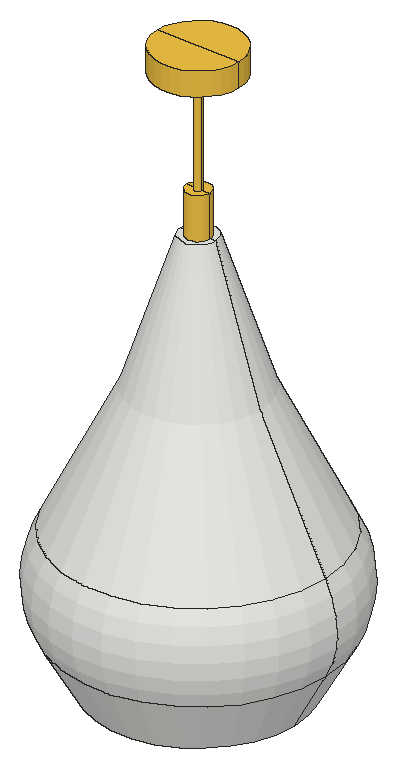
Revit family "Pendant Light", category Lighting Fixtures, host Ceiling, Revit 2020
Family settings
  Host = Ceiling
  Round Connector Dimension = Use Diameter
  Part Type = Normal
  OmniClass Number = 23.80.70.11
  OmniClass Title = Luminaries for Internal Lighting
  Always vertical = Yes
  Cut with Voids When Loaded = No
  Light Source = No
  Shared = No
  Room Calculation Point = No
Parameters (values of type "Pendant Light")
  Wire Material = Assemblyroom_Metal_Aluminium_TrafficYellow
  Pendant Light Type = Pendant_2 : Type 1
  Material = Assemblyroom_Metal_Aluminium_SignalWhite
  Lamp Material = Assemblyroom_Metal_Aluminium_TrafficYellow
  Height [instance] = 1' - 7 1/2"
  Default Elevation = 0' - 0"
Reference planes (in)
  plane 1 "Center (Front/Back)": y = 0
  plane 2 "Ceiling": z = 96
  plane 3 "Center (Left/Right)": x = 0
Dimensions and locks (in)
  equal spacing: host sketch curve, plane 3 "Center (Left/Right)", host sketch curve
  equal spacing: host sketch curve, plane 1 "Center (Front/Back)", host sketch curve
  host sketch curve to host sketch curve = 10' - 0"  (x2)
  aligned and locked: plane 1 "Center (Front/Back)" to nested 1
  aligned and locked: plane 3 "Center (Left/Right)" to nested 1
Nested families (in)
  nested 1: "Pendant_2" at (0, 0, -61.48031), Material <- "Material", Height <- "Height", type <- "Pendant Light Type", Wire Material <- "Wire Material", type "Type 1"
    with Wire Material Assemblyroom_Metal_Aluminium_TrafficYellow, Material Assemblyroom_Metal_Aluminium_SignalWhite, Height 1' - 7 1/2"
Definition of nested family "Pendant_2"
  Parameters (values of type "Type 1")
    Wire Material [instance] = none
    Material [instance] = none
    Height [instance] = 1' - 11.62205"
    Default Elevation = 0' - 0"
  Reference planes (in)
    plane 1 "Center (Front/Back)": y = 0
    plane 2: z = 0
    plane 3 "Center (Left/Right)": x = 0
    plane 4 "Ceiling": z = 157.48031
  Dimensions and locks (in)
    equal spacing: host sketch curve, plane 3 "Center (Left/Right)", host sketch curve
    equal spacing: host sketch curve, plane 1 "Center (Front/Back)", host sketch curve
    host sketch curve to host sketch curve = 13' - 1.48031"  (x2)
    plane 4 "Ceiling" to host ceiling = 0' - 0"
  Nested families (in)
    nested 1: "Ceiling_Light_Pendant_15774" at (0, 0, 157.48031) x (1, 0, 0) z (0, 0, -1), Light Drop Height <- "Height", Material <- "Material", Wire Material <- "Wire Material", type "Ceiling_Light_Pendant_15774"
      with Light Drop Height 1' - 11.62205"
  Definition of nested family "Ceiling_Light_Pendant_15774"
    Parameters (values of type "Ceiling_Light_Pendant_15774")
      Wire Material [instance] = none
      Wattage = 9.2903 W
      built-in parameter 1150110 = 1 (stored number, unit not read)
      built-in parameter 1114217 = 1 (stored number, unit not read)
      built-in parameter 1150109 = 1 (stored number, unit not read)
      built-in parameter 1150134 = 3
      built-in parameter 1150113 = 1 (stored number, unit not read)
      Material [instance] = none
      built-in parameter 1150105 = 439.27 (stored number, unit not read)
      Lumens = 1380 lm
      built-in parameter 1150115 = 1 (stored number, unit not read)
      Light Source Symbol Size = 2' - 0"
      built-in parameter 1150137 = (empty or 0)
      built-in parameter 1150139 = (empty or 0)
      Light Drop Height [instance] = 1' - 11.62205"
      built-in parameter 1150112 = 1 (stored number, unit not read)
      built-in parameter 1150114 = 1 (stored number, unit not read)
      built-in parameter 1150132 = (empty or 0)
      built-in parameter 1150102 = (empty or 0)
      built-in parameter 1150107 = 3200 (stored number, unit not read)
      built-in parameter 1150138 = (empty or 0)
      built-in parameter 1150106 = 4.3927 (stored number, unit not read)
      built-in parameter 1150104 = 13.8 (stored number, unit not read)
      Dimming Lamp Color Temperature Shift = (empty or 0)
      Default Elevation = 0' - 0"
      Color Filter = 16777215
      built-in parameter 1114218 = 1 (stored number, unit not read)
      built-in parameter 1150133 = 10 (stored number, unit not read)
    Reference planes (in)
      plane 1 "Center (Front/Back)": y = 0
      plane 2: z = 0
      plane 3 "Center (Left/Right)": x = 0
      plane 4: z = 23.62205
      plane 5: z = 9.84252
    Forms (in)
      Extrusion 1, solid
        sketch origin (0, 0, 0) x (1, 0, 0) y (0, 1, 0)
          loop
            line (-48, 48) -> (-48, -48) -> (48, -48) -> (48, 48) -> (-48, 48)
        from 0 to -12
      Revolve 2, solid, material <- "Material"
        sketch origin (0, 0, -6.29921) x (1, 0, 0) y (0, 0, 1)
          loop
            line (-3.25853, 29.92126) -> (-4.32888, 28.06736)
            arc (-4.32888, 28.06736) -> (-4.72441, 26.572) -> (-4.30969, 25.08185) r 2.95276
            arc (-4.30969, 25.08185) -> (-2.1317, 20.74426) -> (-0.59055, 16.14173) r 34.1551
            line (-0.59055, 16.14173) -> (0, 16.14173) -> (0, 16.25984) -> (-0.49913, 16.25984)
            arc (-0.49913, 16.25984) -> (-2.04027, 20.83189) -> (-4.20817, 25.14222) r 34.27321
            arc (-4.20817, 25.14222) -> (-4.6063, 26.57276) -> (-4.22659, 28.0083) r 2.83465
            line (-4.22659, 28.0083) -> (-3.12214, 29.92126) -> (-3.25853, 29.92126)
          axis (0, 16.14173) -> (0, 29.92126)
        angle from 0 to 360
      Revolve 3, solid, material <- "Wire Material"
        sketch origin (0, 0, -6.29921) x (1, 0, 0) y (0, 0, 1)
          loop
            line (0, 16.14173) -> (-0.3937, 16.14173) -> (-0.3937, 14.76378) -> (0, 14.76378) -> (0, 16.14173)
          axis (0, 14.76378) -> (0, 16.14173)
        angle from 0 to 360
      Revolve 4, solid, material <- "Wire Material"
        sketch origin (0, 0, 0) x (1, 0, 0) y (0, 0, 1)
          loop
            line (0, 8.46457) -> (-0.11811, 8.46457) -> (-0.11811, 0.98425) -> (-1.37795, 0.7874) -> (-1.37795, 0) -> (0, 0) -> (0, 8.46457)
          axis (0, 0) -> (0, 8.46457)
        angle from 0 to 360
      Revolve 5, solid, material <- "Material", not visible
        sketch origin (0, 0, -6.29921) x (1, 0, 0) y (0, 0, 1)
          loop
            line (-3.25853, 29.92126) -> (-4.32888, 28.06736)
            arc (-4.32888, 28.06736) -> (-4.72441, 26.572) -> (-4.30969, 25.08185) r 2.95276
            arc (-4.30969, 25.08185) -> (-2.1317, 20.74426) -> (-0.59055, 16.14173) r 34.1551
            line (-0.59055, 16.14173) -> (0, 16.14173) -> (0, 16.25984) -> (-0.49913, 16.25984)
            arc (-0.49913, 16.25984) -> (-2.04027, 20.83189) -> (-4.20817, 25.14222) r 34.27321
            arc (-4.20817, 25.14222) -> (-4.6063, 26.57276) -> (-4.22659, 28.0083) r 2.83465
            line (-4.22659, 28.0083) -> (-3.12214, 29.92126) -> (-3.25853, 29.92126)
          axis (0, 16.14173) -> (0, 29.92126)
        angle from 0 to 360
    Dimensions and locks (in)
      locked: plane 4 to imposter light at 3.73228
      "Light Drop Height": plane 4 to plane 2
      locked: Revolve 3 to Revolve 3 at 1.37795
      locked: plane 4 to plane 5 at 13.77953
      aligned and locked: plane 2 to Extrusion 1
      aligned and locked: level to Extrusion 1
      aligned and locked: Revolve 3 to Revolve 4
      aligned and locked: Revolve 2 to Revolve 3  (x3)
      aligned and locked: plane 4 to Revolve 2
      aligned and locked: plane 5 to Revolve 2
      aligned and locked: plane 5 to Revolve 3
    Automatic sketch dimensions
      Extrusion 1 sketch curve to Extrusion 1 sketch curve = 8' - 0"  (x2)
      Revolve 3 sketch curve to plane 3 "Center (Left/Right)" = 0' - 0"  (x2)
      Revolve 3 sketch curve to Revolve 3 sketch curve = 0' - 0.3937"
      level to Revolve 3 sketch curve = 0' - 8.46457"
      Revolve 3 sketch curve to Revolve 3 sketch curve = 0' - 1.37795"
      Revolve 3 sketch curve to Revolve 3 sketch curve = 0' - 0"  (x2)
      Revolve 4 sketch curve to level = 0' - 0"  (x2)
      Revolve 4 sketch curve to plane 3 "Center (Left/Right)" = 0' - 0"  (x2)
      Revolve 4 sketch curve to Revolve 4 sketch curve = 0' - 0.11811"
      Revolve 4 sketch curve to Revolve 4 sketch curve = 0' - 1.25984"
      Revolve 4 sketch curve to Revolve 4 sketch curve = 0' - 0.7874"
      level to Revolve 4 sketch curve = 0' - 0.98425"
      Revolve 4 sketch curve to Revolve 4 sketch curve = 0' - 7.48031"
      Revolve 4 sketch curve to Revolve 4 sketch curve = 0' - 6.29921"
